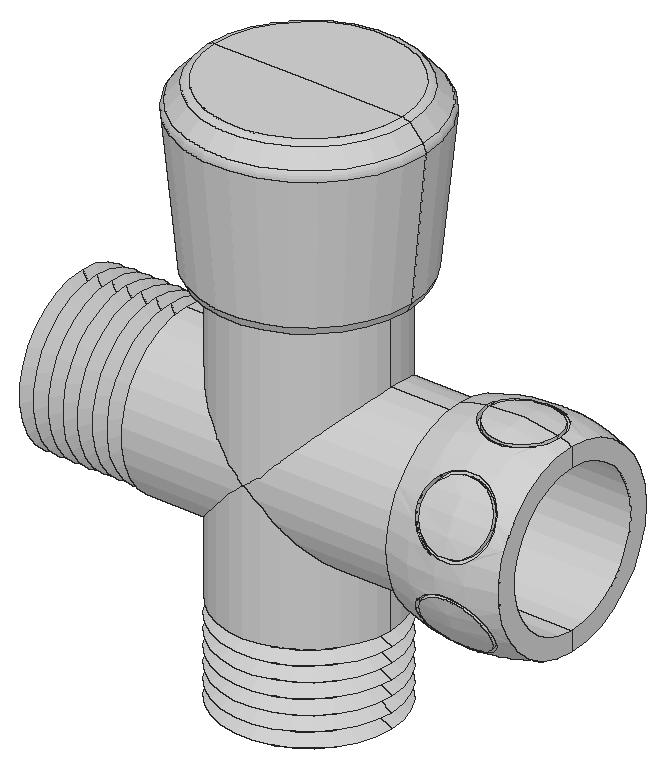
Revit family "VS-111", category Plumbing Equipment, host Face, Revit 2023
Family settings
  Host = Face
  Round Connector Dimension = Use Diameter
  Classification = None
  Part Type = Normal
  Cut with Voids When Loaded = No
  Maintain Annotation Orientation = No
  Shared = No
  Room Calculation Point = No
Parameters
  Material = Steel
  Default Elevation = 4' - 0"
Reference planes (in)
  plane 1 "Center (Front/Back)": y = 0
  plane 2: z = 0
  plane 3 "Center (Left/Right)": x = 0
Forms (in)
  Revolve 1, solid, material "Steel" <- "Material"
    sketch origin (12.17496, 0, -11.88683) x (1, 0, 0) y (0, 0, 1)
      loop
        line (-12.17712, 14.58252) -> (-12.63126, 14.58252)
        arc (-12.63126, 14.58252) -> (-12.64947, 14.57718) -> (-12.66565, 14.56726) r 0.07187
        line (-12.66565, 14.56726) -> (-12.72846, 14.4978)
        arc (-12.72846, 14.4978) -> (-12.73991, 14.47811) -> (-12.74238, 14.45546) r 0.05495
        line (-12.74238, 14.45546) -> (-12.67518, 13.78544) -> (-12.65694, 13.74911) -> (-12.5755, 13.74911) -> (-12.5755, 12.33263) -> (-12.51603, 12.29824) -> (-12.57775, 12.26258) -> (-12.51603, 12.22691) -> (-12.57773, 12.19119) -> (-12.51601, 12.15549) -> (-12.57771, 12.11984) -> (-12.516, 12.08414) -> (-12.57774, 12.04842) -> (-12.51608, 12.01281) -> (-12.57779, 11.97709) -> (-12.51606, 11.94142) -> (-12.57776, 11.90572) -> (-12.54512, 11.88683) -> (-12.4818, 11.88683) -> (-12.51444, 11.90572) -> (-12.45274, 11.94142) -> (-12.51446, 11.97709) -> (-12.45275, 12.01281) -> (-12.51441, 12.04842) -> (-12.45267, 12.08414) -> (-12.51438, 12.11984) -> (-12.45268, 12.15549) -> (-12.5144, 12.19119) -> (-12.45271, 12.22691) -> (-12.51443, 12.26258) -> (-12.4527, 12.29824) -> (-12.51217, 12.33263) -> (-12.17712, 12.33263) -> (-12.17712, 14.58252)
      axis (-12.17712, 14.58252) -> (-12.17712, 11.88683)
    angle from 0 to 360
  Revolve 2, solid, material "Steel" <- "Material"
    sketch origin (12.17496, 0, -11.88683) x (1, 0, 0) y (0, 0, -1)
      loop
        line (-12.77035, -13.38905) -> (-11.44554, -13.38905) -> (-11.44554, -13.4402)
        arc (-11.44554, -13.4402) -> (-11.17306, -13.4854) -> (-10.90058, -13.4402) r 0.84378
        line (-10.90058, -13.4402) -> (-10.90058, -13.34776) -> (-11.41916, -13.34776) -> (-11.41916, -12.99381) -> (-12.77866, -12.99381) -> (-12.77866, -13.29247) -> (-12.81299, -13.2331) -> (-12.84866, -13.29484) -> (-12.88434, -13.23319) -> (-12.92001, -13.29489) -> (-12.95569, -13.23317) -> (-12.99137, -13.29491) -> (-13.02704, -13.23312) -> (-13.06274, -13.29489) -> (-13.09847, -13.23315) -> (-13.13413, -13.29487) -> (-13.16981, -13.23312) -> (-13.20551, -13.29486) -> (-13.24118, -13.23312) -> (-13.27558, -13.29264) -> (-13.27558, -13.37484) -> (-13.24118, -13.31532) -> (-13.20551, -13.37706) -> (-13.16981, -13.31532) -> (-13.13413, -13.37707) -> (-13.09847, -13.31535) -> (-13.06274, -13.37709) -> (-13.02704, -13.31532) -> (-12.99137, -13.37711) -> (-12.95569, -13.31537) -> (-12.92001, -13.37708) -> (-12.88434, -13.31539) -> (-12.84866, -13.37704) -> (-12.81299, -13.3153) -> (-12.77035, -13.38905)
      axis (-13.27558, -12.99381) -> (-10.90058, -12.99381)
    angle from 0 to 360
  Extrusion 3, void
    sketch origin (0.04687, 0, 0) x (1, 0, 0) y (0, 1, 0)
      loop
        circle (0.99287, 0) r 0.17969
      loop
        circle (0.99287, 0) r 0.16406
    from 1.55924 to 1.60419
  Extrusion 4, void
    sketch origin (0.04687, -0.95867, 0.55349) x (1, 0, 0) y (0, 0.5, -0.866025)
      loop
        circle (0.99287, 0) r 0.17969
      loop
        circle (0.99287, 0) r 0.16406
    from 1.55924 to 1.60419
  Extrusion 5, void
    sketch origin (0.04687, -0.95867, 1.66047) x (1, 0, 0) y (0, -0.5, -0.866025)
      loop
        circle (0.99287, 0) r 0.17969
      loop
        circle (0.99287, 0) r 0.16406
    from 1.55924 to 1.60419
  Extrusion 6, void
    sketch origin (0.04687, 0.95867, 0.55349) x (1, 0, 0) y (0, 0.5, 0.866025)
      loop
        circle (0.99287, 0) r 0.17969
      loop
        circle (0.99287, 0) r 0.16406
    from 1.55924 to 1.60419
  Extrusion 7, void
    sketch origin (0.04687, 0.95867, 1.66047) x (1, 0, 0) y (0, -0.5, 0.866025)
      loop
        circle (0.99287, 0) r 0.17969
      loop
        circle (0.99287, 0) r 0.16406
    from 1.55924 to 1.60419
  Extrusion 8, void
    sketch origin (0.04687, 0, 2.21396) x (0, -1, 0) y (1, 0, 0)
      loop
        circle (0, 0.99287) r 0.17969
      loop
        circle (0, 0.99287) r 0.16406
    from -1.62132 to -1.56125
Cuts and joins
  Extrusion 4, Extrusion 5, Extrusion 6, Extrusion 7 cuts Revolve 1
  Extrusion 3, Extrusion 4, Extrusion 5, Extrusion 6, Extrusion 7, Extrusion 8 cuts Revolve 2
  joined: Revolve 1, Revolve 2
Lines and regions (in)
  symbolic lines, not visible
    curve 1: line (-1.10061, 0, 1.10698) -> (-1.8605, 0, 0.3471)
    curve 2: line (-1.8605, 0, 0.3471) -> (-2.1105, 0, 0.3471)
    curve 3: line (-1.10061, 0, 1.10698) -> (-1.16532, 0, 0.8655)
    curve 4: line (-1.10061, 0, 1.10698) -> (-1.3421, 0, 1.04228)
    curve 5: line (2.12025, 0, -0.3581) -> (2.51486, 0, -0.3581)
    curve 6: line (1.27439, 0, 1.10698) -> (2.12025, 0, -0.3581)
    curve 7: line (1.27439, 0, 1.10698) -> (1.3178, 0, 0.86078)
    curve 8: line (1.27439, 0, 1.10698) -> (1.4659, 0, 0.94628)
    curve 9: line (0.30253, 0, 0) -> (0.30253, 0, -0.94642)
    curve 10: line (0.30253, 0, -0.94642) -> (0.42753, 0, -0.72991)
    curve 11: line (0.30253, 0, -0.94642) -> (0.17753, 0, -0.72991)
Text (in)
  text "( CLOSED )" at (1.69266, 0, 1.88803), in view "Front"
  text "3 1/4\"\n(OPENED)" at (2.36787, 0, 0.99728), in view "Front"
  text "1/2\"-14 NPT" at (-3.61474, 0, 0.51597), in view "Front"
  text "1/2\" NPSM" at (-0.11002, 0, -0.97057), in view "Front"
  text "1/2\" NPSM\nHEX NUT" at (3.21682, 0, -0.18522), in view "Front"
  text "( CLOSED )" at (1.78706, 0, 1.88608), in view "Back"
  text "3 1/4\"\n(OPENED)" at (2.46227, 0, 0.99533), in view "Back"
  text "1/2\"-14 NPT" at (-3.52034, 0, 0.51402), in view "Back"
  text "1/2\" NPSM" at (-0.01561, 0, -0.97252), in view "Back"
  text "1/2\" NPSM\nHEX NUT" at (3.31123, 0, -0.18717), in view "Back"
Dimensions and locks (in)
  Revolve 1 sketch curve to Revolve 1 sketch curve = 0' - 2.69569"
  cut or joined group of Revolve 1, Revolve 2, Extrusion 3, Extrusion 4, Extrusion 5, Extrusion 6, Extrusion 7, Extrusion 8 to cut or joined group of Revolve 1, Revolve 2, Extrusion 3, Extrusion 4, Extrusion 5, Extrusion 6, Extrusion 7, Extrusion 8 = 0' - 2 3/8"  (x2)
  plane 3 "Center (Left/Right)" to cut or joined group of Revolve 1, Revolve 2, Extrusion 3, Extrusion 4, Extrusion 5, Extrusion 6, Extrusion 7, Extrusion 8 = 0' - 1.10061"  (x2)
  cut or joined group of Revolve 1, Revolve 2, Extrusion 3, Extrusion 4, Extrusion 5, Extrusion 6, Extrusion 7, Extrusion 8 to cut or joined group of Revolve 1, Revolve 2, Extrusion 3, Extrusion 4, Extrusion 5, Extrusion 6, Extrusion 7, Extrusion 8 = 0' - 2.69569"  (x2)
  aligned and locked: host face to plane 2
  aligned and locked: level to host face
